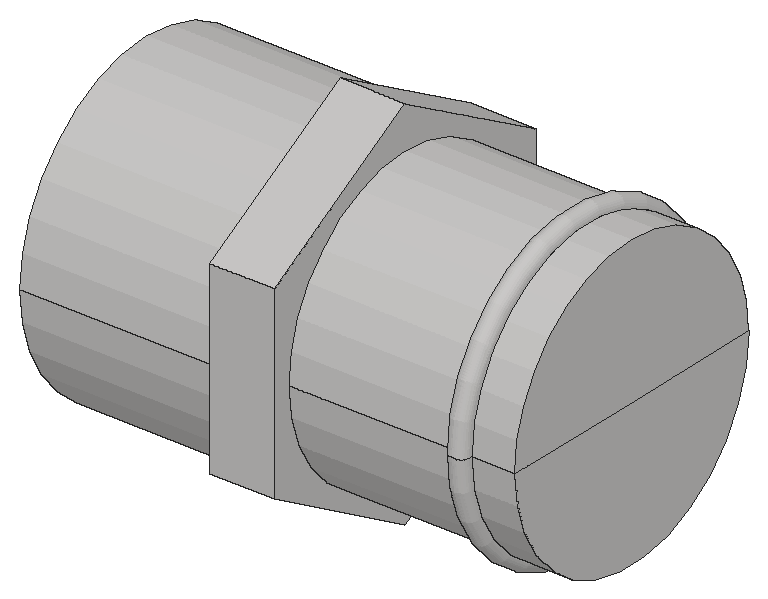
Revit family "StraightCoupler-MaleThread-B-Inox-Conex-15-54mm-PS4243G", category Pipe Fittings, Revit 2019
Family settings
  Round Connector Dimension = Use Diameter
  Part Type = Union
  OmniClass Number = 23.60.30.11.14
  OmniClass Title = Pipework Fittings
  Work Plane-Based = No
  Always vertical = Yes
  Cut with Voids When Loaded = No
  Shared = No
Parameters (values of type "Standard")
  Z [instance] = size_lookup(Lookup Table Name, "Z", L * 0.5, NominalDiameter, R)  # 51.00 mm
  Weight_KG/Ea [instance] = size_lookup(Lookup Table Name, "WT", 0, NominalDiameter, R)  # 0.436
  Uniformat IIElements = "TBC"
  URL = "http://www.conexbanninger.com/search.php?brands_id=34"
  Type Comments = "TBC"
  ThreadLength [instance] = (Z - 2.00 mm) * 0.75  # 36.75 mm
  ThreadDiameter [instance] = size_lookup(Lookup Table Name, "TD", NominalDiameter, NominalDiameter, R)  # 60.00 mm
  SerialNumber [instance] = ""
  S [instance] = size_lookup(Lookup Table Name, "S", NominalDiameter * 1.25, NominalDiameter, R)  # 62.00 mm
  RingThickness [instance] = if(NominalDiameter < 40.00 mm, 2.50 mm, 4.00 mm)  # 4.00 mm
  RingCenter [instance] = (L - Z) * 0.25  # 10.25 mm
  R [instance] = 50.80 mm
  ProductCode [instance] = if(and(NominalDiameter = 15.00 mm, R = 12.70 mm), "PS 4243G 0150400", if(and(NominalDiameter = 18.00 mm, R = 12.70 mm), "PS 4243G 0180400", if(and(NominalDiameter = 18.00 mm, R = 19.05 mm), "PS 4243G 0180600", if(and(NominalDiameter = 22.00 mm, R = 12.70 mm), "PS 4243G 0220400", if(and(NominalDiameter = 22.00 mm, R = 19.05 mm), "PS 4243G 0220600", if(and(NominalDiameter = 22.00 mm, R = 25.40 mm), "PS 4243G 0220800", if(and(NominalDiameter = 28.00 mm, R = 19.05 mm), "PS 4243G 0280600", if(and(NominalDiameter = 28.00 mm, R = 25.40 mm), "PS 4243G 0280800", if(and(NominalDiameter = 35.00 mm, R = 31.75 mm), "PS 4243G 0351000", if(and(NominalDiameter = 42.00 mm, R = 38.10 mm), "PS 4243G 0421200", if(and(NominalDiameter = 54.00 mm, R = 50.80 mm), "PS 4243G 0541600", "ProductCode NA")))))))))))  # "PS 4243G 0541600"
  OmniclassProducts = "TBC"
  NominalDiameter [instance] = 54.00 mm
  NATSPECWorkSection = "TBC"
  ModifiedIssue_ANZRS = 20161230.54  # constant formula
  Model Version = "2015"
  Model Status [instance] = ""
  Model Specification = "BMA"
  Model = "Straight Coupler with Male Thread"  # constant formula
  Material = Stainless Steel AISI 317
  Mark [instance] = ""
  Manufacturer = "Conex | Bänninger"  # constant formula
  Loss Method = Not Defined
  Lookup Table Name = "StraightCoupler-MaleThread-B-Inox-Conex-15-54mm-PS4243G"
  L [instance] = size_lookup(Lookup Table Name, "L", NominalDiameter, NominalDiameter, R)  # 92.00 mm
  K Coefficient Table = "Reducer/Coupling/Union/Increaser"
  built-in parameter 1114238 [instance] = not(0.00 mm < size_lookup(Lookup Table Name, "L", 0.00 mm, NominalDiameter, R))  # (empty or 0)
  FittingOutsideDiameter [instance] = NominalDiameter * 1.025  # 55.35 mm
  FinalHHWFlow [instance] = 0.0 L/s
  Description = ">B< Press Inox is a quick and simple to install flame-free fitting, manufactured using high quality hygienic stainless steel materials, suitable for multiple applications."  # constant formula
  CustomFitting [instance] = not(0.00 mm < size_lookup(Lookup Table Name, "L", 0.00 mm, NominalDiameter, R))  # no
  CreatedBy_ANZRS = "A2K Technologies"  # constant formula
  CreatedByURL_ANZRS = "http://www.bimmepaus.com.au/"
  Assembly Code = "D2090800"
Reference planes
  plane 1 "Center (Front/Back)": y = 0
  plane 2: z = 0
  plane 3 "Center (Left/Right)": x = 0
  plane 4 "Z": x = 51
  plane 5: y = 27
  plane 6: y = -27
  plane 7 "L": x = 92
  plane 8: x = 36.75
  plane 9: y = 27.675
  plane 10: y = -27.675
  plane 11 "RingCenter": x = 81.75
  plane 12: x = 49
  plane 13: y = 30
  plane 14: y = -30
Forms (mm)
  Revolve 1, solid, material "Stainless Steel AISI 317" <- "Material", detail levels fine
    sketch origin (0, 0, 0) x (1, 0, 0) y (0, 1, 0)
      loop
        line (92, 27.675) -> (49, 27.675) -> (49, 0) -> (92, 0) -> (92, 27.675)
      axis (49, 0) -> (92, 0)
    angle from 0 to 360
  Revolve 2, solid, material "Stainless Steel AISI 317" <- "Material", detail levels fine
    sketch origin (0, 0, 0) x (1, 0, 0) y (0, 1, 0)
      loop
        line (79.75, 0) -> (83.75, 0) -> (83.75, 27.675)
        arc (83.75, 27.675) -> (81.75, 29.675) -> (79.75, 27.675) r 2
        line (79.75, 27.675) -> (79.75, 0)
      axis (79.75, 0) -> (83.75, 0)
    angle from 0 to 360
  Extrusion 3, solid, material "Stainless Steel AISI 317" <- "Material", detail levels fine
    sketch origin (-15, 27.671, 1200) x (0, 1, 0) y (0, 0, 1)
      loop
        line (-27.671, -1164.204) -> (-58.671, -1182.102) -> (-58.671, -1217.898) -> (-27.671, -1235.796) -> (3.329, -1217.898) -> (3.329, -1182.102) -> (-27.671, -1164.204)
    from 51.75 to 64
  Revolve 4, solid, material "Stainless Steel AISI 317" <- "Material", detail levels fine
    sketch origin (0, 0, 0) x (1, 0, 0) y (0, 1, 0)
      loop
        line (0, 0) -> (36.75, 0) -> (36.75, 30) -> (0, 30) -> (0, 0)
      axis (0, 0) -> (36.75, 0)
    angle from 0 to 360
Cuts and joins
  joined: Revolve 1, Revolve 2, Extrusion 3, Revolve 4
Lines and regions (mm)
  model lines, detail levels coarse+medium
    curve 1: line (0, -27, 0) -> (0, 27, 0)
    curve 2: line (51, -27, 0) -> (92, -27, 0)
    curve 3: line (51, 27, 0) -> (51, -27, 0)
    curve 4: line (92, 27, 0) -> (51, 27, 0)
    curve 5: line (0, 0, 0) -> (51, 0, 0)
Dimensions and locks
  equal spacing: plane 6, plane 1 "Center (Front/Back)", plane 5
  "Z": plane 3 "Center (Left/Right)" to plane 4 "Z"
  "NominalDiameter": plane 5 to plane 6
  "ThreadLength": plane 3 "Center (Left/Right)" to plane 8
  equal spacing: plane 9, plane 1 "Center (Front/Back)", plane 10
  "FittingOutsideDiameter": plane 9 to plane 10
  "RingCenter": plane 11 "RingCenter" to plane 7 "L"
  equal spacing: Revolve 2 sketch curve, plane 11 "RingCenter", Revolve 2 sketch curve
  "RingThickness": Revolve 2 sketch curve to Revolve 2 sketch curve
  equal spacing: Extrusion 3 sketch curve, plane 2, Extrusion 3 sketch curve
  "S": Extrusion 3 sketch curve to Extrusion 3 sketch curve  (x3)
  equal spacing: Extrusion 3 sketch curve, plane 1 "Center (Front/Back)", Extrusion 3 sketch curve  (x2)
  locked: plane 1 "Center (Front/Back)" to connector elem
  locked: connector elem to plane 2 at 0
  locked: connector elem to plane 1 "Center (Front/Back)" at 0
  locked: connector elem to plane 2
  "L": plane 3 "Center (Left/Right)" to plane 7 "L"
  locked: plane 12 to plane 4 "Z" at 2
  equal spacing: plane 13, plane 1 "Center (Front/Back)", plane 14
  "ThreadDiameter": plane 13 to plane 14
  "RingThickness": diameter of Revolve 2 sketch curve
  locked: Extrusion 3 sketch curve to Extrusion 3 sketch curve (angle 120.00°)  (x5)
  aligned and locked: plane 2 to level
  aligned and locked: Revolve 1 sketch curve to plane 9
  aligned and locked: plane 7 "L" to Revolve 1 sketch curve
  aligned and locked: plane 1 "Center (Front/Back)" to Revolve 1 sketch curve  (x2)
  aligned and locked: Revolve 2 sketch curve to plane 9
  aligned and locked: plane 1 "Center (Front/Back)" to Revolve 2 sketch curve  (x2)
  aligned and locked: plane 3 "Center (Left/Right)" to curve 1
  aligned and locked: curve 2 to plane 6
  aligned and locked: curve 3 to plane 4 "Z"
  aligned and locked: curve 4 to plane 5
  aligned and locked: plane 7 "L" to curve 4
  aligned and locked: plane 7 "L" to curve 2
  aligned and locked: plane 1 "Center (Front/Back)" to curve 5
  aligned and locked: plane 4 "Z" to curve 5
  aligned and locked: plane 3 "Center (Left/Right)" to curve 5
  aligned and locked: cut or joined group of Revolve 1, Revolve 2, Extrusion 3, Revolve 4 to plane 12
  aligned and locked: Extrusion 3 to Revolve 1
  aligned and locked: Extrusion 3 to plane 8
  aligned and locked: plane 6 to curve 1
  aligned and locked: plane 5 to curve 1
  aligned and locked: Revolve 4 sketch curve to curve 5
  aligned and locked: Revolve 4 sketch curve to curve 1
  aligned and locked: plane 13 to Revolve 4 sketch curve
  aligned and locked: plane 8 to Revolve 4 sketch curve
  aligned and locked: plane 1 "Center (Front/Back)" to Revolve 4 sketch curve
Automatic sketch dimensions
  Revolve 2 sketch curve to plane 7 "L" = 8.254 mm
  plane 7 "L" to Revolve 2 sketch curve = 6.746 mm
  Revolve 1 sketch curve to plane 4 "Z" = 2.00 mm
  Revolve 1 sketch curve to Revolve 1 sketch curve = 10.00 mm
  Revolve 1 sketch curve to Revolve 1 sketch curve = 15.00 mm
  Revolve 4 sketch curve to plane 3 "Center (Left/Right)" = 6.652 mm
  Revolve 4 sketch curve to Revolve 4 sketch curve = 3.348 mm
Connectors
  piping at (0, 0, 0), diameter 50.8, driven by "R"
    settings: on plane 3 "Center (Left/Right)", index 1, connector inside diameter 609.6 mm, connector length 0.00 mm, flow factor 0, pipe flow 0.0 L/s, pressure drop 0.0 Pa, fitting loss kfactor 0, connector angle 0.00°, fixture units 0, engagement length 0.00 mm, angle of deflection 0.00°, flow configuration 0, flow direction 0, fitting loss method 0, system type 28, joint type 0, gender type 0, connector reference index 2, connector utility 0, adjustable connector no, is connector primary no, connector description ""
  piping at (51, 0, 0), diameter 54, driven by "NominalDiameter"
    settings: on plane 4 "Z", index 2, connector inside diameter 609.6 mm, connector length 0.00 mm, flow factor 0, pipe flow 0.0 L/s, pressure drop 0.0 Pa, fitting loss kfactor 0, connector angle 0.00°, fixture units 0, engagement length 0.00 mm, angle of deflection 0.00°, flow configuration 0, flow direction 0, fitting loss method 0, system type 28, joint type 0, gender type 0, connector reference index 1, connector utility 0, adjustable connector no, is connector primary yes, connector description ""
